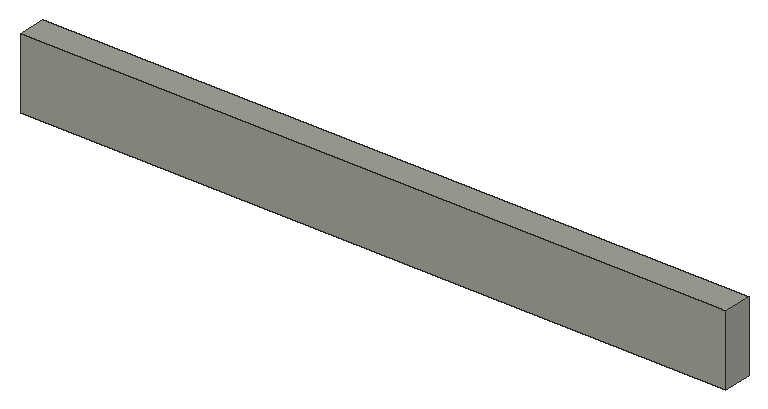
Revit family "Viga_Retangular", category Structural Framing, Revit 2025
Family settings
  Display in Hidden Views = Edges Hidden by Other Members
  Structural Framing Length Roundoff = 0 mm
  Section Shape = Rectangle
  Material for Model Behavior = Concrete
  Always export as geometry = No
  OmniClass Number = 23.25.30.11.14.14
  OmniClass Title = Beams
  Always vertical = Yes
  Cut with Voids When Loaded = No
  Symbolic Representation = From Family
  Shared = No
  Show family pre-cut in plan views = Yes
Parameters (values of type "Vig_001")
  Structural Material [instance] = CT_Concreto
  Material_Vigas = CT_Concreto
  Assembly Code = ""
  Length [instance] = 5000 mm
  b = 200 mm
  h = 500 mm
Types (29, lengths in mm): name | Length | b | h
  VIG_015x168_BLC_CON_RET | 5000 | 150 | 1680
  VIG_015x040_BLC_CON_RET | 1524 | 150 | 400
  VIG_007x145_FAC_CON_RET_HOR | 1524 | 1450 | 70
  VIG_015x120_BLC_CON_RET | 1524 | 150 | 1200
  VIG_030x060_BLC_CON_RET | 1524 | 300 | 600
  VIG_030x077_BLC_CON_RET | 1524 | 300 | 770
  VIG_020x058_BLC_CON_RET | 1524 | 200 | 580
  VIG_020x127_BLC_CON_RET | 1524 | 200 | 1270
  VIG_020x020_BLC_CON_RET | 1524 | 200 | 200
  VIG_040x095_BLC_CON_RET | 1524 | 400 | 950
  VIG_030x045_BLC_CON_RET | 1524 | 300 | 450
  VIG_030x150_BLC_CON_RET | 1524 | 300 | 1500
  VIG_010x055_BLC_CON_RET | 1524 | 100 | 550
  VIG_010x135_BLC_CON_RET | 1524 | 100 | 1350
  VIG_007x135_BLC_CON_RET | 4000 | 70 | 1350
  VIG_020x114_BLC_CON_RET | 1524 | 200 | 1140
  VIG_010x140_BLC_CON_RET | 1524 | 100 | 1400
  VIG_015x060_BLC_CON_RET | 1524 | 150 | 600
  VIG_010x058_BLC_CON_RET | 1524 | 100 | 580
  VIG_010x040_BLC_CON_RET | 1524 | 100 | 400
  VIG_020x055_BLC_CON_RET | 1524 | 200 | 550
  VIG_025x070_BLC_CON_RET | 1524 | 250 | 700
  VIG_010x050_BLC_CON_RET | 1524 | 100 | 500
  VIG_010x060_BLC_CON_RET | 1524 | 100 | 600
  VIG_025x050_BLC_CON_RET | 1524 | 250 | 500
  VIG_025x080_BLC_CON_RET | 1524 | 250 | 800
  VIG_015x050_BLC_CON_RET | 1524 | 150 | 500
  VIG_015x030_BLC_CON_RET | 1524 | 150 | 300
  Vig_001 | 5000 | 200 | 500
Reference planes
  plane 1 "Center (Front/Back)": y = 0
  plane 2: z = 0
  plane 3 "Center (Left/Right)": x = 404.61
  plane 4: y = 100
  plane 5: y = -100
  plane 6: z = 250
  plane 7 "Bottom": z = -250
  plane 8 "Left": x = -2095.39
  plane 9 "Right": x = 2904.61
Forms (mm)
  Sweep 1, solid, material "CT_Concreto" <- "Material_Vigas"
    path origin (-152.4, 0, 0) x (1, 0, 0) y (0, 1, 0)
      loop
        line (3057.01, 0) -> (-1942.99, 0)
    profile "M_Rectangular Beam-Profile : M_Rectangular Beam-Profile" origin (404.61, 0, 0) x (0, -1, 0) y (0, 0, 1)
      loop
        line (-100, -250) -> (100, -250) -> (100, 250) -> (-100, 250) -> (-100, -250)
Dimensions and locks
  "b": plane 4 to plane 5
  equal spacing: plane 7 "Bottom", plane 2, plane 6
  equal spacing: plane 4, plane 1 "Center (Front/Back)", plane 5
  "h": plane 7 "Bottom" to plane 6
  "Length": plane 8 "Left" to plane 9 "Right"
  equal spacing: plane 8 "Left", plane 3 "Center (Left/Right)", plane 9 "Right"
Automatic sketch dimensions
  Sweep 1 sketch curve to plane 8 "Left" = 0 mm
  Sweep 1 sketch curve to plane 9 "Right" = 0 mm
  plane 1 "Center (Front/Back)" to Sweep 1 sketch curve = 0 mm
